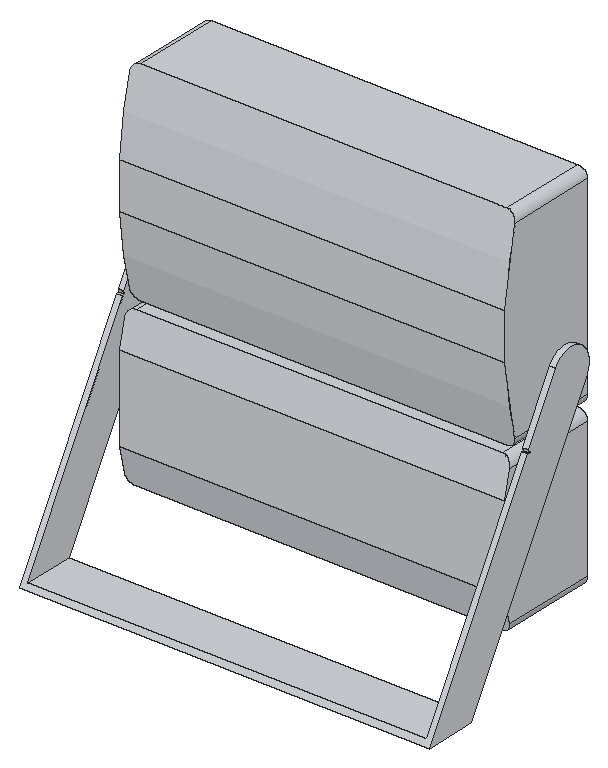
Revit family "Lighting-Proiezione-GEWISS-SMART[PRO]2.0-PROIETTORI-LED-MEDIA-POTENZA_2MODULI_CLI", category Apparecchi per illuminazione, host Superficie, Revit 2019
Family settings
  Host = Superficie
  Quota connettore circolare = Usa diametro
  Tipo di parte = Normale
  Taglio con vuoti quando caricato = No
  Sorgente d'illuminazione = No
  Condiviso = No
  Punto di calcolo locali = No
Parameters (values of type "GWP2285NS - SMARTPRO2.0 2M 5700K CRI80 A3 1-10V CL1")
  Viti esterne = "Acciaio inossidabile"
  Versioni = "Luce fredda 5700K"
  Versione file RFA = "20.11"
  Vano di alimentazione = "Integrato"
  VISIBILITA PROIETTORE IN PIANTA [instance] = no
  VIBILITA SIMBOLO [instance] = not(VISIBILITA PROIETTORE IN PIANTA)  # yes
  URL = "https://www.gewiss.com/it/it"
  Tolleranza cromatica = "SDCM = 3"
  Tipologia sorgente luminosa = "LED - Non sostituibile"
  Tipologia = ""
  Tipo versione = ""
  Tipo di installazione e montaggio = "Torrefaro - Parete - Terra"
  Tipo di apparecchio = "Apparecchio per proiezione LED di piccola, media e alta potenza"
  Tensione di alimentazione = "220 - 240 V"
  Tensione = ""
  Temperatura di utilizzo = ""
  Temperatura di stoccaggio = "-"
  Temperatura di funzionamento = ""
  Temperatura di esercizio = "-30 +50 °C"
  Temperatura di colore: = ""
  Temperatura di colore = "5700K"
  Superficie massima esposta al vento : = "0,170 m2"
  Superficie massima esposta al vento = ""
  Spostamento_x_effettivo = 4000 mm - Spostamento_x  # 1813.822 mm
  Spostamento_x = 2186.178 mm
  SostituibilitÃ  piastra di cablaggio = "Non disponibile"
  SostituibilitÃ  gruppo ottico = "Non disponibile"
  Sistema di controllo = "Stand Alone - 1/10V"
  Schermo = "Vetro piano extrachiaro spessore 4mm"
  Scheda Tecnica = "https://www.gewiss.com/it/it/search?q=GWP2285NS"
  SEO = "Proiettore"
  Resistenza alle sovratensioni : = ""
  Resistenza al filo incandescente = "-"
  Resistenza agli urti = "IK08"
  Regolazione inclinazione = ""
  Default Elevation = 1219.2 mm
  Produttore = "GEWISS S.p.A."
  Potenza di sistema = "330W"
  Peso (kg): = "13"
  Peso (kg) = ""
  Ottica = "A3 - Asimmetrica Stretta"
  N° LED = ""
  Numero moduli = ""
  Norma di riferimento = "EN60598-1; EN60598-2-5; IEC 62778; IEC 62471; EN13201"
  N. moduli Chorus = ""
  Modello = "GWP2285NS"
  Materiali = "-"
  Lumen output (lm) = "37200"
  Life Time L90B10 (Tq 50Â°C) : = ""
  Life Time L90B10 (Tq 25Â°C) : = ""
  Life Time L80B10 (Tq 25Â°C) = ""
  Lampada: = ""
  Lampada = "LED"
  LLED Life time (L90B10) = ""
  LED Life time (L80B10) = ""
  LED Life Time (L70B10) = ""
  Installazione e manutenzione = "-"
  Informazioni generali = "-"
  Indice di resa cromatica = "CRI-80"
  Inclinazione = "Rotazione su staffa con goniometro integrato"
  Immagine tipo = GWP2275AS.jpg
  IPEA = "STRADALE = A // GRANDI AREE = A3+ // CICLOPEDONALI = A+ // AREE VERDI = A+ // CENTRO STORICO = A5+ // ALTRO = A5+"
  IFC.TypeObject = ""
  IFC.ExportType = ""
  IFC.ExportAs = ""
  IDT = "94ca63f114e34adea3421514a6ca964f"
  IDF = "311943a0-bd02-467d-a9ed-f2a4dacf2862"
  Guarnizioni = "silicone antinvecchiamento"
  Gruppo ottico = "Parabola in alluminio anodizzato brillantato con alluminio puro 99,99%"
  Grado di protezione = "IP66"
  Garanzia = "5 anni"
  Gancio di chiusura = "Viti metriche esagonali"
  GW - Codice Electrocod = "2424"
  Frequenza nominale (Hz) = "50 / 60"
  Flusso nominale = ""
  Fissaggio = "Staffa"
  Finitura colore = "Verniciato a polvere poliestere"
  Efficienza luminosa (lm/W) = "113"
  Durata di vita = "L90B10 (Tq+25°C) - 40000h L90B10 (Tq+50°C) = 32000h L80B10 (Tq+25°C) - 90000h"
  Distanza minima dall'oggetto illuminato = ""
  Dispositivo di protezione = "DM 5KV / CM 10KV"
  Descrizione = "SMARTPRO2.0 2M 5700K CRI80 A3 1-10V CL1"
  Creato da GEWISS S.p.A. = ""
  Corrente di pilotaggio LED = ""
  Corpo = "Alluminio pressofuso"
  Controllo abbagliamento e luminanza = "G*6 - ULOR = 0"
  Contesto = "Illuminazione di grandi aree, impianti sportivi"
  Colore = "Grigio grafite"
  Codice digitale univoco (Datamatrix) = "Attualmente non presente"
  Codice EAN = ""
  Classificazione: = "-"
  Classe isolamento = "I"
  Classe fotobiologica = "-"
  Certificazioni e classificazioni = "-"
  Certificazione DIN 18032-3 = "Si"
  Catalogo Serie = ""
  Catalogo = "LIGHTING"
  Caratteristiche ottiche e illuminotecniche = "-"
  Caratteristiche elettriche e gestione della luce = "-"
  Cablaggio = "Connettore stagno"
  COBie.Tagnumber = ""
  COBie.CreatedOn = ""
  COBie.CreatebBy = ""
  COBie.ComponentRegisterItemID = ""
  COBie.Component.TagNumber = ""
  COBie.Component.Space = ""
  COBie.Component.SerialNumber = ""
  COBie.Component.InstallationDate = ""
  COBie.Component.Description = ""
  COBie.Component.BarCode = ""
  Applicazione = "Interno / Esterno"
  Apparecchio a ridotta temperatura superficiale = "No"
  Alimentatore = "Incluso"
Reference planes
  plane 1 "Centro (Fronte/Retro)": y = 0
  plane 2: z = 0
  plane 3 "Centro (Sinistra/Destra)": x = 0
  plane 4: x = -1813.822
  plane 5: x = 0
Lines and regions (mm)
  Masking region 1, visible <- "VISIBILITA PROIETTORE IN PIANTA"
    outline origin (0, 0, 0) x (1, 0, 0) y (0, 1, 0)
      loop
        line (-199.835, 106.682) -> (-199.835, -103.584) -> (200.165, -103.584) -> (200.165, 106.682) -> (-199.835, 106.682)
  Masking region 2, visible <- "VISIBILITA PROIETTORE IN PIANTA"
    outline origin (0, 0, 0) x (1, 0, 0) y (0, 1, 0)
      loop
        line (-212.835, -113.135) -> (213.165, -113.135) -> (213.165, 106.682) -> (207.165, 106.682) -> (207.165, -110.249) -> (-207.165, -110.249) -> (-207.165, 106.682) -> (-212.835, 106.682) -> (-212.835, -113.135)
  symbolic lines, visible <- "VISIBILITA PROIETTORE IN PIANTA"
    curve 1: line (-193.91, 0, 417.088) -> (173.228, 0, 417.088)
    curve 2: line (-206.772, 0, 217.838) -> (-206.772, 0, 404.227)
    curve 3: line (173.228, 0, 197.838) -> (-186.772, 0, 197.838)
    curve 4: line (193.228, 0, 397.088) -> (193.228, 0, 217.838)
    curve 5: arc (-206.772, 0, 404.227) -> (-203.005, 0, 413.321) -> (-193.91, 0, 417.088) r 12.861
    curve 6: arc (193.228, 0, 397.088) -> (187.37, 0, 411.23) -> (173.228, 0, 417.088) r 20
    curve 7: arc (173.228, 0, 197.838) -> (187.37, 0, 203.696) -> (193.228, 0, 217.838) r 20
    curve 8: arc (-206.772, 0, 217.838) -> (-200.914, 0, 203.696) -> (-186.772, 0, 197.838) r 20
    curve 9: line (-193.91, 0, 182.088) -> (173.228, 0, 182.088)
    curve 10: line (-206.772, 0, 57.838) -> (-206.772, 0, 169.227)
    curve 11: line (173.228, 0, 37.838) -> (-186.772, 0, 37.838)
    curve 12: line (193.228, 0, 162.088) -> (193.228, 0, 57.838)
    curve 13: arc (-206.772, 0, 169.227) -> (-203.005, 0, 178.321) -> (-193.91, 0, 182.088) r 12.861
    curve 14: arc (193.228, 0, 162.088) -> (187.37, 0, 176.23) -> (173.228, 0, 182.088) r 20
    curve 15: arc (173.228, 0, 37.838) -> (187.37, 0, 43.696) -> (193.228, 0, 57.838) r 20
    curve 16: arc (-206.772, 0, 57.838) -> (-200.914, 0, 43.696) -> (-186.772, 0, 37.838) r 20
    curve 17: line (-227.35, 0, 25) -> (-227.35, 0, 253.745)
    curve 18: line (-222.35, 0, 248.021) -> (-222.35, 0, 30)
    curve 19: line (181.521, 0, 0) -> (-192.35, 0, 0)
    curve 20: line (-197.35, 0, -5) -> (186.521, 0, -5)
    curve 21: arc (-227.35, 0, 25) -> (-218.563, 0, 3.787) -> (-197.35, 0, -5) r 30
    curve 22: arc (-222.35, 0, 30) -> (-213.563, 0, 8.787) -> (-192.35, 0, 0) r 30
    curve 23: line (-227.35, 0, 211.958) -> (-225.82, 0, 211.958)
    curve 24: line (-225.82, 0, 211.958) -> (-227.841, 0, 215.455)
    curve 25: line (-227.841, 0, 215.455) -> (-231.85, 0, 222.399)
    curve 26: line (-231.85, 0, 222.399) -> (-231.85, 0, 228.935)
    curve 27: line (-231.85, 0, 228.935) -> (-231.85, 0, 247.511)
    curve 28: line (-231.85, 0, 247.511) -> (-226.218, 0, 257.265)
    curve 29: line (-222.35, 0, 211.265) -> (-204.35, 0, 211.265)
    curve 30: line (-204.35, 0, 257.265) -> (-226.218, 0, 257.265)
    curve 31: line (216.521, 0, 25) -> (216.521, 0, 253.745)
    curve 32: line (211.521, 0, 248.021) -> (211.521, 0, 30)
    curve 33: arc (216.521, 0, 25) -> (207.734, 0, 3.787) -> (186.521, 0, -5) r 30
    curve 34: arc (211.521, 0, 30) -> (202.734, 0, 8.787) -> (181.521, 0, 0) r 30
    curve 35: line (216.521, 0, 211.958) -> (214.991, 0, 211.958)
    curve 36: line (214.991, 0, 211.958) -> (217.011, 0, 215.455)
    curve 37: line (217.011, 0, 215.455) -> (221.021, 0, 222.399)
    curve 38: line (221.021, 0, 222.399) -> (221.021, 0, 228.935)
    curve 39: line (221.021, 0, 228.935) -> (221.021, 0, 247.511)
    curve 40: line (221.021, 0, 247.511) -> (215.389, 0, 257.265)
    curve 41: line (211.521, 0, 211.265) -> (193.521, 0, 211.265)
    curve 42: line (193.521, 0, 257.265) -> (215.389, 0, 257.265)
  symbolic lines, visible <- "VISIBILITA PROIETTORE IN PIANTA", not visible
    curve 43: line (-193.91, 0, 417.088) -> (173.228, 0, 417.088)
    curve 44: line (-206.772, 0, 217.838) -> (-206.772, 0, 404.227)
    curve 45: line (173.228, 0, 197.838) -> (-186.772, 0, 197.838)
    curve 46: line (193.228, 0, 397.088) -> (193.228, 0, 217.838)
    curve 47: arc (-206.772, 0, 404.227) -> (-203.005, 0, 413.321) -> (-193.91, 0, 417.088) r 12.861
    curve 48: arc (193.228, 0, 397.088) -> (187.37, 0, 411.23) -> (173.228, 0, 417.088) r 20
    curve 49: arc (173.228, 0, 197.838) -> (187.37, 0, 203.696) -> (193.228, 0, 217.838) r 20
    curve 50: arc (-206.772, 0, 217.838) -> (-200.914, 0, 203.696) -> (-186.772, 0, 197.838) r 20
    curve 51: line (-193.91, 0, 182.088) -> (173.228, 0, 182.088)
    curve 52: line (-206.772, 0, 57.838) -> (-206.772, 0, 169.227)
    curve 53: line (173.228, 0, 37.838) -> (-186.772, 0, 37.838)
    curve 54: line (193.228, 0, 162.088) -> (193.228, 0, 57.838)
    curve 55: arc (-206.772, 0, 169.227) -> (-203.005, 0, 178.321) -> (-193.91, 0, 182.088) r 12.861
    curve 56: arc (193.228, 0, 162.088) -> (187.37, 0, 176.23) -> (173.228, 0, 182.088) r 20
    curve 57: arc (173.228, 0, 37.838) -> (187.37, 0, 43.696) -> (193.228, 0, 57.838) r 20
    curve 58: arc (-206.772, 0, 57.838) -> (-200.914, 0, 43.696) -> (-186.772, 0, 37.838) r 20
    curve 59: line (-227.35, 0, 25) -> (-227.35, 0, 253.745)
    curve 60: line (-222.35, 0, 248.021) -> (-222.35, 0, 30)
    curve 61: line (181.521, 0, 0) -> (-192.35, 0, 0)
    curve 62: line (-197.35, 0, -5) -> (186.521, 0, -5)
    curve 63: arc (-227.35, 0, 25) -> (-218.563, 0, 3.787) -> (-197.35, 0, -5) r 30
    curve 64: arc (-222.35, 0, 30) -> (-213.563, 0, 8.787) -> (-192.35, 0, 0) r 30
    curve 65: line (-227.35, 0, 211.958) -> (-225.82, 0, 211.958)
    curve 66: line (-225.82, 0, 211.958) -> (-227.841, 0, 215.455)
    curve 67: line (-227.841, 0, 215.455) -> (-231.85, 0, 222.399)
    curve 68: line (-231.85, 0, 222.399) -> (-231.85, 0, 228.935)
    curve 69: line (-231.85, 0, 228.935) -> (-231.85, 0, 247.511)
    curve 70: line (-231.85, 0, 247.511) -> (-226.218, 0, 257.265)
    curve 71: line (-222.35, 0, 211.265) -> (-204.35, 0, 211.265)
    curve 72: line (-204.35, 0, 257.265) -> (-226.218, 0, 257.265)
    curve 73: line (216.521, 0, 25) -> (216.521, 0, 253.745)
    curve 74: line (211.521, 0, 248.021) -> (211.521, 0, 30)
    curve 75: arc (216.521, 0, 25) -> (207.734, 0, 3.787) -> (186.521, 0, -5) r 30
    curve 76: arc (211.521, 0, 30) -> (202.734, 0, 8.787) -> (181.521, 0, 0) r 30
    curve 77: line (216.521, 0, 211.958) -> (214.991, 0, 211.958)
    curve 78: line (214.991, 0, 211.958) -> (217.011, 0, 215.455)
    curve 79: line (217.011, 0, 215.455) -> (221.021, 0, 222.399)
    curve 80: line (221.021, 0, 222.399) -> (221.021, 0, 228.935)
    curve 81: line (221.021, 0, 228.935) -> (221.021, 0, 247.511)
    curve 82: line (221.021, 0, 247.511) -> (215.389, 0, 257.265)
    curve 83: line (211.521, 0, 211.265) -> (193.521, 0, 211.265)
    curve 84: line (193.521, 0, 257.265) -> (215.389, 0, 257.265)
Dimensions and locks
  plane 4 to plane 3 "Centro (Sinistra/Destra)" = 1813.822 mm
  "Spostamento_x_effettivo": plane 4 to plane 5
  aligned and locked: plane 2 to host face
  aligned and locked: level to host face
  aligned and locked: plane 3 "Centro (Sinistra/Destra)" to nested 1
  aligned and locked: plane 1 "Centro (Fronte/Retro)" to nested 1
  aligned and locked: plane 5 to nested 2
Automatic sketch dimensions
  host sketch curve to host sketch curve = 2438.4 mm  (x2)
  Masking region 1 sketch curve to plane 3 "Centro (Sinistra/Destra)" = 199.835 mm
  plane 3 "Centro (Sinistra/Destra)" to Masking region 1 sketch curve = 200.165 mm
  plane 1 "Centro (Fronte/Retro)" to Masking region 1 sketch curve = 103.584 mm
  Masking region 1 sketch curve to plane 1 "Centro (Fronte/Retro)" = 106.682 mm
  Masking region 2 sketch curve to plane 3 "Centro (Sinistra/Destra)" = 212.835 mm
  Masking region 2 sketch curve to Masking region 2 sketch curve = 5.671 mm
  plane 3 "Centro (Sinistra/Destra)" to Masking region 2 sketch curve = 207.165 mm
  Masking region 2 sketch curve to Masking region 2 sketch curve = 6 mm
  plane 1 "Centro (Fronte/Retro)" to Masking region 2 sketch curve = 113.135 mm
  Masking region 2 sketch curve to Masking region 2 sketch curve = 2.887 mm
  Masking region 2 sketch curve to plane 1 "Centro (Fronte/Retro)" = 106.682 mm  (x2)
Nested families
  nested 1: "SMART[PRO]2.0 PROIETTORI LED MEDIA POTENZA 2 MOD DALI_BASE" at (-212.835, -103.584, 0), type "GWP2273AD - 3000K - Symm. S1 - 2x80 LED - 330W - IP66"
  nested 2: "SIMB2DALI" at (0, 20, 0), type "SIMB2DALI"
  nested 3: "SIMB2DALI" at (0, 0, 228.171) x (1, 0, 0) z (0, -1, 0), visible <- "VIBILITA SIMBOLO", type "SIMB2DALI"
Definition of nested family "SMART[PRO]2.0 PROIETTORI LED MEDIA POTENZA 2 MOD DALI_BASE"
  Parameters (values of type "GWP2273AD - 3000K - Symm. S1 - 2x80 LED - 330W - IP66")
    l = 400 mm  # constant formula
    Vetro = none
    Versioni = "Luce calda 3000K"
    Temperatura di colore = "3000 K (CRI 70)"
    Superficie massima esposta al vento [mq] = "0,43"
    Serie = "SMART [PRO] 2.0"
    Resistenza agli urti = "IK08"
    Regolazione inclinazione = "-180° ÷ + 180° staffa"
    Default Elevation = 1219.2 mm
    Manufacturer = "GEWISS"
    Potenza di sistema = "330W"
    Peso (kg) = "13"
    Ottica = "Simmetrica S1"
    N° LED = "160"
    Numero moduli = "2 (2x80 LED)"
    Model = "GWP2273AD"
    Lumen output (lm) = "34925"
    Lamp = "LED"
    Type Image = element 180151
    GW - Grado di protezione = "IP66"
    Garanzia = "5 anni"
    GEWISS SCHEDA TECNICA = "http://pro.gewiss.com/irj/portal/?NavigationTarget=pcd:portal_content/com.gewiss.ZPPFDMain/com.gewiss.ZPPFDITMain/com.gewiss.ZPPFDITMainDefault/com.gewiss.ZPPFDITPages/com.gewiss.ZPPFDITPagesAP/com.gewiss.ZPPFDITPagesAPCatalogo/com.gewiss.ZPPPDITAPProductDetail&codProd=GWP2273AD"
    Flusso nominale = "44800"
    Description = "SMART PRO 2M 3000K CRI70 TYPE S1 DALI"
    GW - Codice Electrocod = "2424"
    Classe isolamento = "I"
    Applicazione = "Interno / Esterno"
  Types (32, lengths in mm): name | Versioni | Temperatura di colore | Ottica | Model | Lumen output (lm) | GEWISS SCHEDA TECNICA | Flusso nominale | Description
    GWP2273AD - 3000K - Symm. S1 - 2x80 LED - 330W - IP66 | "Luce calda 3000K" | "3000 K (CRI 70)" | "Simmetrica S1" | "GWP2273AD" | "34925" | "http://pro.gewiss.com/irj/portal/?NavigationTarget=pcd:portal_content/com.gewiss.ZPPFDMain/com.gewiss.ZPPFDITMain/com.gewiss.ZPPFDITMainDefault/com.gewiss.ZPPFDITPages/com.gewiss.ZPPFDITPagesAP/com.gewiss.ZPPFDITPagesAPCatalogo/com.gewiss.ZPPPDITAPProductDetail&codProd=GWP2273AD" | "44800" | "SMART PRO 2M 3000K CRI70 TYPE S1 DALI"
    GWP2273BD - 3000K - Symm. S2 - 2x80 LED - 330W - IP66 | "Luce calda 3000K" | "3000 K (CRI 70)" | "Simmetrica S2" | "GWP2273BD" | "37137" | "http://pro.gewiss.com/irj/portal/?NavigationTarget=pcd:portal_content/com.gewiss.ZPPFDMain/com.gewiss.ZPPFDITMain/com.gewiss.ZPPFDITMainDefault/com.gewiss.ZPPFDITPages/com.gewiss.ZPPFDITPagesAP/com.gewiss.ZPPFDITPagesAPCatalogo/com.gewiss.ZPPPDITAPProductDetail&codProd=GWP2273BD" | "44800" | "SMART PRO 2M 3000K CRI70 TYPE S2 DALI"
    GWP2273CD - 3000K - Asymm. A1 - 2x80 LED - 330W - IP66 | "Luce calda 3000K" | "3000 K (CRI 70)" | "Asimmetrica A1" | "GWP2273CD" | "34141" | "http://pro.gewiss.com/irj/portal/?NavigationTarget=pcd:portal_content/com.gewiss.ZPPFDMain/com.gewiss.ZPPFDITMain/com.gewiss.ZPPFDITMainDefault/com.gewiss.ZPPFDITPages/com.gewiss.ZPPFDITPagesAP/com.gewiss.ZPPFDITPagesAPCatalogo/com.gewiss.ZPPPDITAPProductDetail&codProd=GWP2273CD" | "44800" | "SMART PRO 2M 3000K CRI70 TYPE A1 DALI"
    GWP2273FD - 3000K - Asymm. A2 - 2x80 LED - 330W - IP66 | "Luce calda 3000K" | "3000 K (CRI 70)" | "Asimmetrica A2" | "GWP2273FD" | "29176" | "http://pro.gewiss.com/irj/portal/?NavigationTarget=pcd:portal_content/com.gewiss.ZPPFDMain/com.gewiss.ZPPFDITMain/com.gewiss.ZPPFDITMainDefault/com.gewiss.ZPPFDITPages/com.gewiss.ZPPFDITPagesAP/com.gewiss.ZPPFDITPagesAPCatalogo/com.gewiss.ZPPPDITAPProductDetail&codProd=GWP2273FD" | "44800" | "SMART PRO 2M 3000K CRI70 TYPE A2 DALI"
    GWP2273GD - 3000K - Circ. C4 - 2x80 LED - 330W - IP66 | "Luce calda 3000K" | "3000 K (CRI 70)" | "Circolare C4" | "GWP2273GD" | "35261" | "http://pro.gewiss.com/irj/portal/?NavigationTarget=pcd:portal_content/com.gewiss.ZPPFDMain/com.gewiss.ZPPFDITMain/com.gewiss.ZPPFDITMainDefault/com.gewiss.ZPPFDITPages/com.gewiss.ZPPFDITPagesAP/com.gewiss.ZPPFDITPagesAPCatalogo/com.gewiss.ZPPPDITAPProductDetail&codProd=GWP2273GD" | "44800" | "SMART PRO 2M 3000K CRI70 TYPE C4 DALI"
    GWP2273HD - 3000K - Circ. C3 - 2x80 LED - 330W - IP66 | "Luce calda 3000K" | "3000 K (CRI 70)" | "Circolare C3" | "GWP2273HD" | "35261" | "http://pro.gewiss.com/irj/portal/?NavigationTarget=pcd:portal_content/com.gewiss.ZPPFDMain/com.gewiss.ZPPFDITMain/com.gewiss.ZPPFDITMainDefault/com.gewiss.ZPPFDITPages/com.gewiss.ZPPFDITPagesAP/com.gewiss.ZPPFDITPagesAPCatalogo/com.gewiss.ZPPPDITAPProductDetail&codProd=GWP2273HD" | "44800" | "SMART PRO 2M 3000K CRI70 TYPE C3 DALI"
    GWP2273LD - 3000K - Circ. C2 - 2x80 LED - 330W - IP66 | "Luce calda 3000K" | "3000 K (CRI 70)" | "Circolare C2" | "GWP2273LD" | "35261" | "http://pro.gewiss.com/irj/portal/?NavigationTarget=pcd:portal_content/com.gewiss.ZPPFDMain/com.gewiss.ZPPFDITMain/com.gewiss.ZPPFDITMainDefault/com.gewiss.ZPPFDITPages/com.gewiss.ZPPFDITPagesAP/com.gewiss.ZPPFDITPagesAPCatalogo/com.gewiss.ZPPPDITAPProductDetail&codProd=GWP2273LD" | "44800" | "SMART PRO 2M 3000K CRI70 TYPE C2 DALI"
    GWP2273MD - 3000K - Circ. C1 - 2x80 LED - 330W - IP66 | "Luce calda 3000K" | "3000 K (CRI 70)" | "Circolare C1" | "GWP2273MD" | "35261" | "http://pro.gewiss.com/irj/portal/?NavigationTarget=pcd:portal_content/com.gewiss.ZPPFDMain/com.gewiss.ZPPFDITMain/com.gewiss.ZPPFDITMainDefault/com.gewiss.ZPPFDITPages/com.gewiss.ZPPFDITPagesAP/com.gewiss.ZPPFDITPagesAPCatalogo/com.gewiss.ZPPPDITAPProductDetail&codProd=GWP2273MD" | "44800" | "SMART PRO 2M 3000K CRI70 TYPE C1 DALI"
    GWP2274AD - 4000K - Symm. S1 - 2x80 LED - 330W - IP66 | "Luce naturale 4000K" | "4000 K (CRI 70)" | "Simmetrica S1" | "GWP2274AD" | "37420" | "http://pro.gewiss.com/irj/portal/?NavigationTarget=pcd:portal_content/com.gewiss.ZPPFDMain/com.gewiss.ZPPFDITMain/com.gewiss.ZPPFDITMainDefault/com.gewiss.ZPPFDITPages/com.gewiss.ZPPFDITPagesAP/com.gewiss.ZPPFDITPagesAPCatalogo/com.gewiss.ZPPPDITAPProductDetail&codProd=GWP2274AD" | "48000" | "SMART PRO 2M 4000K CRI70 TYPE S1 DALI"
    GWP2274BD - 4000K - Symm. S2 - 2x80 LED - 330W - IP66 | "Luce naturale 4000K" | "4000 K (CRI 70)" | "Simmetrica S2" | "GWP2274BD" | "39790" | "http://pro.gewiss.com/irj/portal/?NavigationTarget=pcd:portal_content/com.gewiss.ZPPFDMain/com.gewiss.ZPPFDITMain/com.gewiss.ZPPFDITMainDefault/com.gewiss.ZPPFDITPages/com.gewiss.ZPPFDITPagesAP/com.gewiss.ZPPFDITPagesAPCatalogo/com.gewiss.ZPPPDITAPProductDetail&codProd=GWP2274BD" | "48000" | "SMART PRO 2M 4000K CRI70 TYPE S2 DALI"
    GWP2274CD - 4000K - Asymm. A1 - 2x80 LED - 330W - IP66 | "Luce naturale 4000K" | "4000 K (CRI 70)" | "Asimmetrica A1" | "GWP2274CD" | "36580" | "http://pro.gewiss.com/irj/portal/?NavigationTarget=pcd:portal_content/com.gewiss.ZPPFDMain/com.gewiss.ZPPFDITMain/com.gewiss.ZPPFDITMainDefault/com.gewiss.ZPPFDITPages/com.gewiss.ZPPFDITPagesAP/com.gewiss.ZPPFDITPagesAPCatalogo/com.gewiss.ZPPPDITAPProductDetail&codProd=GWP2274CD" | "48000" | "SMART PRO 2M 4000K CRI70 TYPE A1 DALI"
    GWP2274FD - 4000K - Asymm. A2 - 2x80 LED - 330W - IP66 | "Luce naturale 4000K" | "4000 K (CRI 70)" | "Asimmetrica A2" | "GWP2274FD" | "31260" | "http://pro.gewiss.com/irj/portal/?NavigationTarget=pcd:portal_content/com.gewiss.ZPPFDMain/com.gewiss.ZPPFDITMain/com.gewiss.ZPPFDITMainDefault/com.gewiss.ZPPFDITPages/com.gewiss.ZPPFDITPagesAP/com.gewiss.ZPPFDITPagesAPCatalogo/com.gewiss.ZPPPDITAPProductDetail&codProd=GWP2274FD" | "48000" | "SMART PRO 2M 4000K CRI70 TYPE A2 DALI"
    GWP2274GD - 4000K - Circ. C4 - 2x80 LED - 330W - IP66 | "Luce naturale 4000K" | "4000 K (CRI 70)" | "Circolare C4" | "GWP2274GD" | "37780" | "http://pro.gewiss.com/irj/portal/?NavigationTarget=pcd:portal_content/com.gewiss.ZPPFDMain/com.gewiss.ZPPFDITMain/com.gewiss.ZPPFDITMainDefault/com.gewiss.ZPPFDITPages/com.gewiss.ZPPFDITPagesAP/com.gewiss.ZPPFDITPagesAPCatalogo/com.gewiss.ZPPPDITAPProductDetail&codProd=GWP2274GD" | "48000" | "SMART PRO 2M 4000K CRI70 TYPE C4 DALI"
    GWP2274HD - 4000K - Circ. C3 - 2x80 LED - 330W - IP66 | "Luce naturale 4000K" | "4000 K (CRI 70)" | "Circolare C3" | "GWP2274HD" | "37780" | "http://pro.gewiss.com/irj/portal/?NavigationTarget=pcd:portal_content/com.gewiss.ZPPFDMain/com.gewiss.ZPPFDITMain/com.gewiss.ZPPFDITMainDefault/com.gewiss.ZPPFDITPages/com.gewiss.ZPPFDITPagesAP/com.gewiss.ZPPFDITPagesAPCatalogo/com.gewiss.ZPPPDITAPProductDetail&codProd=GWP2274HD" | "48000" | "SMART PRO 2M 4000K CRI70 TYPE C3 DALI"
    GWP2274LD - 4000K - Circ. C2 - 2x80 LED - 330W - IP66 | "Luce naturale 4000K" | "4000 K (CRI 70)" | "Circolare C2" | "GWP2274LD" | "37780" | "http://pro.gewiss.com/irj/portal/?NavigationTarget=pcd:portal_content/com.gewiss.ZPPFDMain/com.gewiss.ZPPFDITMain/com.gewiss.ZPPFDITMainDefault/com.gewiss.ZPPFDITPages/com.gewiss.ZPPFDITPagesAP/com.gewiss.ZPPFDITPagesAPCatalogo/com.gewiss.ZPPPDITAPProductDetail&codProd=GWP2274LD" | "48000" | "SMART PRO 2M 4000K CRI70 TYPE C2 DALI"
    GWP2274MD - 4000K - Circ. C1 - 2x80 LED - 330W - IP66 | "Luce naturale 4000K" | "4000 K (CRI 70)" | "Circolare C1" | "GWP2274MD" | "37780" | "http://pro.gewiss.com/irj/portal/?NavigationTarget=pcd:portal_content/com.gewiss.ZPPFDMain/com.gewiss.ZPPFDITMain/com.gewiss.ZPPFDITMainDefault/com.gewiss.ZPPFDITPages/com.gewiss.ZPPFDITPagesAP/com.gewiss.ZPPFDITPagesAPCatalogo/com.gewiss.ZPPPDITAPProductDetail&codProd=GWP2274MD" | "48000" | "SMART PRO 2M 4000K CRI70 TYPE C1 DALI"
    GWP2275AD - 5700K - Symm. S1 - 2x80 LED - 330W - IP66 | "Luce fredda 5700K" | "5700 K (CRI 70)" | "Simmetrica S1" | "GWP2275AD" | "37420" | "http://pro.gewiss.com/irj/portal/?NavigationTarget=pcd:portal_content/com.gewiss.ZPPFDMain/com.gewiss.ZPPFDITMain/com.gewiss.ZPPFDITMainDefault/com.gewiss.ZPPFDITPages/com.gewiss.ZPPFDITPagesAP/com.gewiss.ZPPFDITPagesAPCatalogo/com.gewiss.ZPPPDITAPProductDetail&codProd=GWP2275AD" | "48000" | "SMART PRO 2M 5700K CRI70 TYPE S1 DALI"
    GWP2275BD - 5700K - Symm. S2 - 2x80 LED - 330W - IP66 | "Luce fredda 5700K" | "5700 K (CRI 70)" | "Simmetrica S2" | "GWP2275BD" | "39790" | "http://pro.gewiss.com/irj/portal/?NavigationTarget=pcd:portal_content/com.gewiss.ZPPFDMain/com.gewiss.ZPPFDITMain/com.gewiss.ZPPFDITMainDefault/com.gewiss.ZPPFDITPages/com.gewiss.ZPPFDITPagesAP/com.gewiss.ZPPFDITPagesAPCatalogo/com.gewiss.ZPPPDITAPProductDetail&codProd=GWP2275BD" | "48000" | "SMART PRO 2M 5700K CRI70 TYPE S2 DALI"
    GWP2275CD - 5700K - Asymm. A1 - 2x80 LED - 330W - IP66 | "Luce fredda 5700K" | "5700 K (CRI 70)" | "Asimmetrica A1" | "GWP2275CD" | "36580" | "http://pro.gewiss.com/irj/portal/?NavigationTarget=pcd:portal_content/com.gewiss.ZPPFDMain/com.gewiss.ZPPFDITMain/com.gewiss.ZPPFDITMainDefault/com.gewiss.ZPPFDITPages/com.gewiss.ZPPFDITPagesAP/com.gewiss.ZPPFDITPagesAPCatalogo/com.gewiss.ZPPPDITAPProductDetail&codProd=GWP2275CD" | "48000" | "SMART PRO 2M 5700K CRI70 TYPE A1 DALI"
    GWP2275FD - 5700K - Asymm. A2 - 2x80 LED - 330W - IP66 | "Luce fredda 5700K" | "5700 K (CRI 70)" | "Asimmetrica A2" | "GWP2275FD" | "31260" | "http://pro.gewiss.com/irj/portal/?NavigationTarget=pcd:portal_content/com.gewiss.ZPPFDMain/com.gewiss.ZPPFDITMain/com.gewiss.ZPPFDITMainDefault/com.gewiss.ZPPFDITPages/com.gewiss.ZPPFDITPagesAP/com.gewiss.ZPPFDITPagesAPCatalogo/com.gewiss.ZPPPDITAPProductDetail&codProd=GWP2275FD" | "48000" | "SMART PRO 2M 5700K CRI70 TYPE A2 DALI"
    GWP2275GD - 5700K - Circ. C4 - 2x80 LED - 330W - IP66 | "Luce fredda 5700K" | "5700 K (CRI 70)" | "Circolare C4" | "GWP2275GD" | "37780" | "http://pro.gewiss.com/irj/portal/?NavigationTarget=pcd:portal_content/com.gewiss.ZPPFDMain/com.gewiss.ZPPFDITMain/com.gewiss.ZPPFDITMainDefault/com.gewiss.ZPPFDITPages/com.gewiss.ZPPFDITPagesAP/com.gewiss.ZPPFDITPagesAPCatalogo/com.gewiss.ZPPPDITAPProductDetail&codProd=GWP2275GD" | "48000" | "SMART PRO 2M 5700K CRI70 TYPE C4 DALI"
    GWP2275HD - 5700K - Circ. C3 - 2x80 LED - 330W - IP66 | "Luce fredda 5700K" | "5700 K (CRI 70)" | "Circolare C3" | "GWP2275HD" | "37780" | "http://pro.gewiss.com/irj/portal/?NavigationTarget=pcd:portal_content/com.gewiss.ZPPFDMain/com.gewiss.ZPPFDITMain/com.gewiss.ZPPFDITMainDefault/com.gewiss.ZPPFDITPages/com.gewiss.ZPPFDITPagesAP/com.gewiss.ZPPFDITPagesAPCatalogo/com.gewiss.ZPPPDITAPProductDetail&codProd=GWP2275HD" | "48000" | "SMART PRO 2M 5700K CRI70 TYPE C3 DALI"
    GWP2275LD - 5700K - Circ. C2 - 2x80 LED - 330W - IP66 | "Luce fredda 5700K" | "5700 K (CRI 70)" | "Circolare C2" | "GWP2275LD" | "37780" | "http://pro.gewiss.com/irj/portal/?NavigationTarget=pcd:portal_content/com.gewiss.ZPPFDMain/com.gewiss.ZPPFDITMain/com.gewiss.ZPPFDITMainDefault/com.gewiss.ZPPFDITPages/com.gewiss.ZPPFDITPagesAP/com.gewiss.ZPPFDITPagesAPCatalogo/com.gewiss.ZPPPDITAPProductDetail&codProd=GWP2275LD" | "48000" | "SMART PRO 2M 5700K CRI70 TYPE C2 DALI"
    GWP2275MD - 5700K - Circ. C1 - 2x80 LED - 330W - IP66 | "Luce fredda 5700K" | "5700 K (CRI 70)" | "Circolare C1" | "GWP2275MD" | "37780" | "http://pro.gewiss.com/irj/portal/?NavigationTarget=pcd:portal_content/com.gewiss.ZPPFDMain/com.gewiss.ZPPFDITMain/com.gewiss.ZPPFDITMainDefault/com.gewiss.ZPPFDITPages/com.gewiss.ZPPFDITPagesAP/com.gewiss.ZPPFDITPagesAPCatalogo/com.gewiss.ZPPPDITAPProductDetail&codProd=GWP2275MD" | "48000" | "SMART PRO 2M 5700K CRI70 TYPE C1 DALI"
    GWP2284AD | "Luce naturale 4000K" | "4000 K (CRI 70)" | "Simmetrica S1" | "GWP2274AD" | "37420" | "http://pro.gewiss.com/irj/portal/?NavigationTarget=pcd:portal_content/com.gewiss.ZPPFDMain/com.gewiss.ZPPFDITMain/com.gewiss.ZPPFDITMainDefault/com.gewiss.ZPPFDITPages/com.gewiss.ZPPFDITPagesAP/com.gewiss.ZPPFDITPagesAPCatalogo/com.gewiss.ZPPPDITAPProductDetail&codProd=GWP2274AD" | "48000" | "SMART PRO 2M 4000K CRI70 TYPE S1 DALI"
    GWP2284BD | "Luce naturale 4000K" | "4000 K (CRI 70)" | "Simmetrica S2" | "GWP2274BD" | "39790" | "http://pro.gewiss.com/irj/portal/?NavigationTarget=pcd:portal_content/com.gewiss.ZPPFDMain/com.gewiss.ZPPFDITMain/com.gewiss.ZPPFDITMainDefault/com.gewiss.ZPPFDITPages/com.gewiss.ZPPFDITPagesAP/com.gewiss.ZPPFDITPagesAPCatalogo/com.gewiss.ZPPPDITAPProductDetail&codProd=GWP2274BD" | "48000" | "SMART PRO 2M 4000K CRI70 TYPE S2 DALI"
    GWP2284CD | "Luce naturale 4000K" | "4000 K (CRI 70)" | "Asimmetrica A1" | "GWP2274CD" | "36580" | "http://pro.gewiss.com/irj/portal/?NavigationTarget=pcd:portal_content/com.gewiss.ZPPFDMain/com.gewiss.ZPPFDITMain/com.gewiss.ZPPFDITMainDefault/com.gewiss.ZPPFDITPages/com.gewiss.ZPPFDITPagesAP/com.gewiss.ZPPFDITPagesAPCatalogo/com.gewiss.ZPPPDITAPProductDetail&codProd=GWP2274CD" | "48000" | "SMART PRO 2M 4000K CRI70 TYPE A1 DALI"
    GWP2284FD | "Luce naturale 4000K" | "4000 K (CRI 70)" | "Asimmetrica A2" | "GWP2274FD" | "31260" | "http://pro.gewiss.com/irj/portal/?NavigationTarget=pcd:portal_content/com.gewiss.ZPPFDMain/com.gewiss.ZPPFDITMain/com.gewiss.ZPPFDITMainDefault/com.gewiss.ZPPFDITPages/com.gewiss.ZPPFDITPagesAP/com.gewiss.ZPPFDITPagesAPCatalogo/com.gewiss.ZPPPDITAPProductDetail&codProd=GWP2274FD" | "48000" | "SMART PRO 2M 4000K CRI70 TYPE A2 DALI"
    GWP2284GD | "Luce naturale 4000K" | "4000 K (CRI 70)" | "Circolare C4" | "GWP2274GD" | "37780" | "http://pro.gewiss.com/irj/portal/?NavigationTarget=pcd:portal_content/com.gewiss.ZPPFDMain/com.gewiss.ZPPFDITMain/com.gewiss.ZPPFDITMainDefault/com.gewiss.ZPPFDITPages/com.gewiss.ZPPFDITPagesAP/com.gewiss.ZPPFDITPagesAPCatalogo/com.gewiss.ZPPPDITAPProductDetail&codProd=GWP2274GD" | "48000" | "SMART PRO 2M 4000K CRI70 TYPE C4 DALI"
    GWP2284HD | "Luce naturale 4000K" | "4000 K (CRI 70)" | "Circolare C3" | "GWP2274HD" | "37780" | "http://pro.gewiss.com/irj/portal/?NavigationTarget=pcd:portal_content/com.gewiss.ZPPFDMain/com.gewiss.ZPPFDITMain/com.gewiss.ZPPFDITMainDefault/com.gewiss.ZPPFDITPages/com.gewiss.ZPPFDITPagesAP/com.gewiss.ZPPFDITPagesAPCatalogo/com.gewiss.ZPPPDITAPProductDetail&codProd=GWP2274HD" | "48000" | "SMART PRO 2M 4000K CRI70 TYPE C3 DALI"
    GWP2284LD | "Luce naturale 4000K" | "4000 K (CRI 70)" | "Circolare C2" | "GWP2274LD" | "37780" | "http://pro.gewiss.com/irj/portal/?NavigationTarget=pcd:portal_content/com.gewiss.ZPPFDMain/com.gewiss.ZPPFDITMain/com.gewiss.ZPPFDITMainDefault/com.gewiss.ZPPFDITPages/com.gewiss.ZPPFDITPagesAP/com.gewiss.ZPPFDITPagesAPCatalogo/com.gewiss.ZPPPDITAPProductDetail&codProd=GWP2274LD" | "48000" | "SMART PRO 2M 4000K CRI70 TYPE C2 DALI"
    GWP2284MD | "Luce naturale 4000K" | "4000 K (CRI 70)" | "Circolare C1" | "GWP2274MD" | "37780" | "http://pro.gewiss.com/irj/portal/?NavigationTarget=pcd:portal_content/com.gewiss.ZPPFDMain/com.gewiss.ZPPFDITMain/com.gewiss.ZPPFDITMainDefault/com.gewiss.ZPPFDITPages/com.gewiss.ZPPFDITPagesAP/com.gewiss.ZPPFDITPagesAPCatalogo/com.gewiss.ZPPPDITAPProductDetail&codProd=GWP2274MD" | "48000" | "SMART PRO 2M 4000K CRI70 TYPE C1 DALI"
  Reference planes
    plane 1 "Centro (Fronte/Retro)": y = 0
    plane 2: z = 0
    plane 3 "Centro (Sinistra/Destra)": x = 0
    plane 4: x = 5.671
    plane 5: z = 5
    plane 6: x = 426
    plane 7: x = 420
    plane 8: y = -9.551
    plane 9: y = 43.565
    plane 10: z = 267.876
    plane 11: z = 218.171
    plane 12: z = 212.854
    plane 13: x = 13
    plane 14: x = 413
    plane 15: z = 438.501
    plane 16: x = 212.835
    plane 17: z = 48.854
    plane 18: y = 210.266
    plane 19: y = 103.584
    plane 20: x = 23
    plane 21: z = 428.501
    plane 22: z = 228.171
    plane 23: x = 403
    plane 24: y = 174.258
    plane 25: x = 200.335
    plane 26: x = 225.335
  Forms (mm)
    Extrusion 1, solid
      sketch origin (0, 0, 0) x (0, 1, 0) y (0, 0, 1)
        loop
          line (153.15, 281.807) -> (-9.551, 0) -> (43.565, 0) -> (192.952, 258.745)
          arc (192.952, 258.745) -> (184.564, 290.146) -> (153.15, 281.807) r 23
      from 0 to 5.671
    Extrusion 2, solid
      sketch origin (448.871, 0, 0) x (0, 1, 0) y (0, 0, -1)
        loop
          arc (153.15, -281.807) -> (184.564, -290.146) -> (192.952, -258.745) r 23
          line (192.952, -258.745) -> (43.565, 0) -> (-9.551, 0) -> (153.15, -281.807)
      from 22.871 to 28.871
    Extrusion 3, solid
      sketch origin (0, 0, 0) x (0, 1, 0) y (0, 0, 1)
        loop
          line (46.452, 5) -> (-6.664, 5) -> (-9.551, 0) -> (43.565, 0) -> (46.452, 5)
      from 0 to 426
    Extrusion 4, solid
      sketch origin (0, 0, 0) x (1, 0, 0) y (0, 0, 1)
        loop
          arc (23, 438.501) -> (15.929, 435.572) -> (13, 428.501) r 10
          line (13, 428.501) -> (13, 228.171)
          arc (13, 228.171) -> (15.929, 221.1) -> (23, 218.171) r 10
          line (23, 218.171) -> (403, 218.171)
          arc (403, 218.171) -> (410.071, 221.1) -> (413, 228.171) r 10
          line (413, 228.171) -> (413, 428.501)
          arc (413, 428.501) -> (410.071, 435.572) -> (403, 438.501) r 10
          line (403, 438.501) -> (23, 438.501)
      from -210.266 to -103.584
    Extrusion 5, solid
      sketch origin (0, 0, 0) x (1, 0, 0) y (0, 0, 1)
        loop
          line (23, 48.854) -> (403, 48.854)
          arc (403, 48.854) -> (410.071, 51.783) -> (413, 58.854) r 10
          line (413, 58.854) -> (413, 202.854)
          arc (413, 202.854) -> (410.071, 209.925) -> (403, 212.854) r 10
          line (403, 212.854) -> (23, 212.854)
          arc (23, 212.854) -> (15.929, 209.925) -> (13, 202.854) r 10
          line (13, 202.854) -> (13, 58.854)
          arc (13, 58.854) -> (15.929, 51.783) -> (23, 48.854) r 10
      from -210.266 to -103.584
    Extrusion 6, void
      sketch origin (0, 0, 0) x (0, 1, 0) y (0, 0, 1)
        loop
          line (0, 438.501) -> (0, 218.171) -> (119.109, 218.171)
          arc (119.109, 218.171) -> (108.875, 260.63) -> (103.584, 303.983) r 379.693
          line (103.584, 303.983) -> (103.584, 352.689)
          arc (103.584, 352.689) -> (108.875, 396.042) -> (119.109, 438.501) r 379.693
          line (119.109, 438.501) -> (0, 438.501)
      from 0 to 426
    Extrusion 7, void
      sketch origin (0, 0, 0) x (1, 0, 0) y (0, 0, 1)
        loop
          arc (33, 428.501) -> (25.929, 425.572) -> (23, 418.501) r 10
          line (23, 418.501) -> (23, 238.171)
          arc (23, 238.171) -> (25.929, 231.1) -> (33, 228.171) r 10
          line (33, 228.171) -> (393, 228.171)
          arc (393, 228.171) -> (400.071, 231.1) -> (403, 238.171) r 10
          line (403, 238.171) -> (403, 418.501)
          arc (403, 418.501) -> (400.071, 425.572) -> (393, 428.501) r 10
          line (393, 428.501) -> (33, 428.501)
      from -210.266 to -174.258
    Extrusion 8, solid, material <- "Vetro"
      sketch origin (0, 0, 0) x (1, 0, 0) y (0, 0, 1)
        loop
          line (23, 418.501) -> (23, 238.171)
          arc (23, 238.171) -> (25.929, 231.1) -> (33, 228.171) r 10
          line (33, 228.171) -> (393, 228.171)
          arc (393, 228.171) -> (400.071, 231.1) -> (403, 238.171) r 10
          line (403, 238.171) -> (403, 418.501)
          arc (403, 418.501) -> (400.071, 425.572) -> (393, 428.501) r 10
          line (393, 428.501) -> (33, 428.501)
          arc (33, 428.501) -> (25.929, 425.572) -> (23, 418.501) r 10
      from -210.266 to -174.258
    Extrusion 9, void
      sketch origin (0, 0, 0) x (0, 1, 0) y (0, 0, 1)
        loop
          line (103.584, 86.118) -> (103.584, 175.59)
          arc (103.584, 175.59) -> (107.698, 194.338) -> (112.752, 212.854) r 380
          line (112.752, 212.854) -> (0, 212.854) -> (0, 48.854) -> (112.752, 48.854)
          arc (112.752, 48.854) -> (107.698, 67.37) -> (103.584, 86.118) r 380
      from 13 to 413
  Cuts and joins
    Extrusion 6, Extrusion 9 cuts Extrusion 1
    Extrusion 6, Extrusion 9 cuts Extrusion 2
    Extrusion 6, Extrusion 9 cuts Extrusion 3
    joined: Extrusion 1, Extrusion 2, Extrusion 3
    Extrusion 6, Extrusion 7 cuts Extrusion 4
    Extrusion 9 cuts Extrusion 5
  Dimensions and locks
    locked: plane 3 "Centro (Sinistra/Destra)" to plane 4 at 5.671
    locked: plane 5 to level at 5
    locked: plane 6 to plane 7 at 6
    plane 10 to plane 2 = 267.876 mm
    plane 11 to plane 12 = 5.317 mm
    locked: plane 13 to plane 4 at 7.329
    locked: plane 7 to plane 14 at 7
    plane 15 to plane 11 = 220.33 mm
    equal spacing: plane 7, plane 16, plane 4
    "l": plane 14 to plane 13
    locked: plane 20 to plane 13 at 10
    locked: plane 15 to plane 21 at 10
    locked: plane 14 to plane 23 at 10
    locked: plane 22 to plane 11 at 10
    locked: plane 24 to plane 18 at 36.008
    equal spacing: plane 26, plane 16, plane 25
    locked: plane 26 to plane 25 at 25
    radius of Extrusion 4 sketch curve = 10 mm  (x4)
    radius of Extrusion 5 sketch curve = 10 mm  (x4)
    radius of Extrusion 7 sketch curve = 10 mm  (x4)
    radius of Extrusion 8 sketch curve = 10 mm  (x4)
    angle plane 1 "Centro (Fronte/Retro)" to plane 17 = 90.00°
    angle level to plane 19 = 90.00°
    aligned and locked: level to plane 2
    aligned and locked: Extrusion 1 to plane 3 "Centro (Sinistra/Destra)"
    aligned and locked: plane 4 to Extrusion 1
    aligned and locked: plane 6 to Extrusion 2
    aligned and locked: Extrusion 2 to plane 7
    aligned and locked: Extrusion 3 sketch curve to plane 5
    aligned and locked: Extrusion 3 sketch curve to level
    aligned and locked: cut or joined group of Extrusion 1, Extrusion 2, Extrusion 3, Extrusion 6, Extrusion 9 to Extrusion 3 sketch curve
    aligned and locked: Extrusion 3 sketch curve to cut or joined group of Extrusion 1, Extrusion 2, Extrusion 3, Extrusion 6, Extrusion 9
    aligned and locked: plane 6 to cut or joined group of Extrusion 1, Extrusion 2, Extrusion 3, Extrusion 6, Extrusion 9
    aligned and locked: Extrusion 4 sketch curve to plane 15
    aligned and locked: Extrusion 4 sketch curve to plane 13
    aligned and locked: Extrusion 4 sketch curve to plane 14
    aligned and locked: Extrusion 4 sketch curve to plane 11
    aligned and locked: Extrusion 5 sketch curve to plane 17
    aligned and locked: Extrusion 5 sketch curve to plane 13
    aligned and locked: Extrusion 5 sketch curve to plane 12
    aligned and locked: Extrusion 5 sketch curve to plane 14
    aligned and locked: plane 18 to Extrusion 4
    aligned and locked: Extrusion 5 to Extrusion 4
    aligned and locked: plane 19 to Extrusion 4
    aligned and locked: Extrusion 4 to Extrusion 5
    aligned and locked: Extrusion 6 sketch curve to plane 15
    aligned and locked: Extrusion 6 sketch curve to plane 19
    aligned and locked: Extrusion 6 sketch curve to plane 1 "Centro (Fronte/Retro)"
    aligned and locked: Extrusion 6 sketch curve to plane 11
    aligned and locked: plane 6 to Extrusion 6
    aligned and locked: Extrusion 6 to plane 3 "Centro (Sinistra/Destra)"
    aligned and locked: Extrusion 7 sketch curve to plane 21
    aligned and locked: Extrusion 7 sketch curve to plane 20
    aligned and locked: Extrusion 7 sketch curve to plane 22
    aligned and locked: Extrusion 7 sketch curve to plane 23
    aligned and locked: plane 18 to Extrusion 7
    aligned and locked: Extrusion 7 to plane 24
    aligned and locked: Extrusion 8 sketch curve to plane 20
    aligned and locked: Extrusion 8 sketch curve to plane 21
    aligned and locked: Extrusion 8 sketch curve to plane 22
    aligned and locked: Extrusion 8 sketch curve to plane 23
    aligned and locked: plane 18 to Extrusion 8
    aligned and locked: Extrusion 8 to plane 24
    aligned and locked: Extrusion 9 sketch curve to plane 19
    aligned and locked: Extrusion 9 sketch curve to plane 12
    aligned and locked: Extrusion 9 sketch curve to plane 17
    aligned and locked: Extrusion 9 sketch curve to plane 1 "Centro (Fronte/Retro)"
    aligned and locked: Extrusion 9 to plane 13
    aligned and locked: plane 14 to Extrusion 9
  Automatic sketch dimensions
    Extrusion 1 sketch curve to level = 0 mm
    Extrusion 1 sketch curve to plane 8 = 0 mm
    Extrusion 1 sketch curve to plane 9 = 0 mm
    plane 10 to Extrusion 1 sketch curve = 13.931 mm
    Extrusion 1 sketch curve to plane 9 = 109.585 mm
    plane 10 to Extrusion 1 sketch curve = 2.369 mm
    Extrusion 1 sketch curve to Extrusion 1 sketch curve = 19.883 mm
    Extrusion 1 sketch curve to plane 10 = 9.131 mm  (x2)
    Extrusion 1 sketch curve to Extrusion 1 sketch curve = 0 mm
    Extrusion 2 sketch curve to level = 0 mm
    Extrusion 2 sketch curve to plane 8 = 0 mm
    Extrusion 2 sketch curve to plane 9 = 0 mm
    plane 10 to Extrusion 2 sketch curve = 13.931 mm
    Extrusion 2 sketch curve to plane 9 = 109.585 mm
    plane 10 to Extrusion 2 sketch curve = 2.369 mm
    Extrusion 2 sketch curve to Extrusion 2 sketch curve = 19.883 mm
    Extrusion 2 sketch curve to plane 10 = 9.131 mm  (x2)
    Extrusion 2 sketch curve to Extrusion 2 sketch curve = 0 mm
    plane 10 to Extrusion 6 sketch curve = 60.571 mm
    Extrusion 6 sketch curve to Extrusion 6 sketch curve = 15.525 mm
    Extrusion 6 sketch curve to plane 15 = 85.812 mm
    Extrusion 6 sketch curve to Extrusion 6 sketch curve = 0 mm  (x2)
    Extrusion 6 sketch curve to Extrusion 6 sketch curve = 0.222 mm
    plane 17 to Extrusion 9 sketch curve = 54.7 mm
    Extrusion 9 sketch curve to Extrusion 9 sketch curve = 0 mm
    Extrusion 9 sketch curve to Extrusion 9 sketch curve = 54.6 mm
    Extrusion 9 sketch curve to plane 19 = 9.168 mm
    plane 12 to Extrusion 9 sketch curve = 37.264 mm
    plane 18 to Extrusion 9 sketch curve = 266.428 mm
Definition of nested family "SIMB2DALI"
  Parameters (values of type "SIMB2DALI")
    VIS_SIMB = yes
  Reference planes
    plane 1 "Centro (Fronte/Retro)": y = 0
    plane 2: z = 0
    plane 3 "Centro (Sinistra/Destra)": x = 0
  Lines and regions (mm)
    model lines, in view "Livello rif.", visible <- "VIS_SIMB"
      curve 1: line (91.569, -18.378, 0) -> (48.369, 3.129, 0)
      curve 2: line (48.369, 3.129, 0) -> (91.569, 24.896, 0)
      curve 3: line (91.569, 24.896, 0) -> (91.569, -18.378, 0)
      curve 4: line (48.369, 24.766, 0) -> (48.369, -18.507, 0)
      curve 5: line (48.369, 3.129, 0) -> (23.108, 3.129, 0)
      curve 6: line (91.569, 3.259, 0) -> (110.222, 3.259, 0)
      curve 7: line (133.137, 69.884, 0) -> (133.137, -63.61, 0)
      curve 8: line (133.137, -63.61, 0) -> (-126.863, -63.61, 0)
      curve 9: line (-126.863, -63.61, 0) -> (-126.863, 69.884, 0)
      curve 10: line (-126.863, 69.884, 0) -> (133.137, 69.884, 0)
      curve 11: line (16.747, 52.804, 0) -> (116.097, 52.804, 0)
      curve 12: line (116.097, 52.804, 0) -> (116.097, -46.545, 0)
      curve 13: line (116.097, -46.545, 0) -> (16.747, -46.545, 0)
      curve 14: line (16.747, -46.545, 0) -> (16.747, 52.804, 0)
      curve 15: line (-35.001, -18.378, 0) -> (-78.201, 3.129, 0)
      curve 16: line (-78.201, 3.129, 0) -> (-35.001, 24.896, 0)
      curve 17: line (-35.001, 24.896, 0) -> (-35.001, -18.378, 0)
      curve 18: line (-78.201, 24.766, 0) -> (-78.201, -18.507, 0)
      curve 19: line (-78.201, 3.129, 0) -> (-103.461, 3.129, 0)
      curve 20: line (-35.001, 3.259, 0) -> (-16.348, 3.259, 0)
      curve 21: line (-109.822, 52.804, 0) -> (-10.473, 52.804, 0)
      curve 22: line (-10.473, 52.804, 0) -> (-10.473, -46.545, 0)
      curve 23: line (-10.473, -46.545, 0) -> (-109.822, -46.545, 0)
      curve 24: line (-109.822, -46.545, 0) -> (-109.822, 52.804, 0)
Types (46, lengths in mm): name | Viti esterne | Versioni | Vano di alimentazione | Tolleranza cromatica | Tipologia sorgente luminosa | Tipologia | Tipo versione | Tipo di installazione e montaggio | Tipo di apparecchio | Tensione di alimentazione | Tensione | Temperatura di utilizzo | Temperatura di stoccaggio | Temperatura di funzionamento | Temperatura di esercizio | Temperatura di colore: | Temperatura di colore | Superficie massima esposta al vento : | Superficie massima esposta al vento | SostituibilitÃ  piastra di cablaggio | SostituibilitÃ  gruppo ottico | Sistema di controllo | Schermo | Scheda Tecnica | Resistenza alle sovratensioni : | Resistenza al filo incandescente | Regolazione inclinazione | Peso (kg) | Ottica | N° LED | Numero moduli | Norma di riferimento | N. moduli Chorus | Modello | Materiali | Lumen output (lm) | Life Time L90B10 (Tq 50Â°C) : | Life Time L90B10 (Tq 25Â°C) : | Life Time L80B10 (Tq 25Â°C) | Lampada: | LLED Life time (L90B10) | LED Life time (L80B10) | LED Life Time (L70B10) | Installazione e manutenzione | Informazioni generali | Indice di resa cromatica | Inclinazione | Immagine tipo | IPEA | IDT | Guarnizioni | Gruppo ottico | Gancio di chiusura | Frequenza nominale (Hz) | Flusso nominale | Fissaggio | Finitura colore | Efficienza luminosa (lm/W) | Durata di vita | Distanza minima dall'oggetto illuminato | Dispositivo di protezione | Descrizione | Corrente di pilotaggio LED | Corpo | Controllo abbagliamento e luminanza | Contesto | Colore | Codice digitale univoco (Datamatrix) | Codice EAN | Classificazione: | Classe fotobiologica | Certificazioni e classificazioni | Certificazione DIN 18032-3 | Catalogo Serie | Caratteristiche ottiche e illuminotecniche | Caratteristiche elettriche e gestione della luce | Cablaggio | Apparecchio a ridotta temperatura superficiale | Alimentatore
  (no name) | "Acciaio inossidabile" | "Luce fredda 5700K" | "Integrato" | "SDCM = 3" | "LED - Non sostituibile" | "Stand Alone - 1/10V" | "Luce fredda 5700K" | "Torrefaro - Parete - Terra" | "Apparecchio per proiezione LED di piccola, media e alta potenza" | "220 - 240 V" | "220 / 240 V - 50 / 60 Hz" | "-30 +50 °C" | "-" | "-30 +50 °C" | "-30 +50 °C" | "5700 K (CRI>70)" | "5700K" | "0,170 m2" | "0,17M2" | "Non disponibile" | "Non disponibile" | "Stand Alone - 1/10V" | "Vetro piano extrachiaro spessore 4mm" | "https://www.gewiss.com/it/it/search?q=GWP2285NS" | "10KV in modalità comune; 5KV in modalità differenziale" | "-" | "-180° ÷ + 180° staffa" | "13" | "A3 - Asimmetrica Stretta" | "160" | "2" | "EN60598-1; EN60598-2-5; IEC 62778; IEC 62471; EN13201" | "2 (2x80 LED)" | "GWP2285NS" | "-" | "37200" | "32000 H" | ">40000 H" | ">90000 H" | "LED" | "32000H" | "73000H" | "118000H" | "-" | "-" | "CRI-80" | "Rotazione su staffa con goniometro integrato" | GWP2273AS.jpg | "STRADALE = A // GRANDI AREE = A3+ // CICLOPEDONALI = A+ // AREE VERDI = A+ // CENTRO STORICO = A5+ // ALTRO = A5+" | "94ca63f114e34adea3421514a6ca964f" | "silicone antinvecchiamento" | "Parabola in alluminio anodizzato brillantato con alluminio puro 99,99%" | "Viti metriche esagonali" | "50 / 60" | "48000" | "Staffa" | "Verniciato a polvere poliestere" | "113" | "L90B10 (Tq+25°C) - 40000h L90B10 (Tq+50°C) = 32000h L80B10 (Tq+25°C) - 90000h" | "1M" | "DM 5KV / CM 10KV" | "SMARTPRO2.0 2M 5700K CRI80 A3 1-10V CL1" | "0,7 A" | "Alluminio pressofuso" | "G*6 - ULOR = 0" | "Illuminazione di grandi aree, impianti sportivi" | "Grigio grafite" | "Attualmente non presente" | "8011564738874" | "-" | "-" | "-" | "Si" | "SMART [PRO] 2.0" | "-" | "-" | "Connettore stagno" | "No" | "Incluso"
  GWP2273AS - SMART PRO 2M CRI70 3000K TYPE S1 1-10V | "" | "Luce calda 3000K" | "" | "" | "" | "Stand Alone - 1/10V" | "Luce calda 3000K" | "" | "" | "" | "220/240 V - 50/60 Hz" | "-30 +50 °C" | "" | "-30 +50 °C" | "" | "3000 K (CRI 70)" | "3000 K (CRI 70)" | "" | "0,17M2" | "" | "" | "" | "" | "https://www.gewiss.com/it/it/search?q=GWP2273AS" | "" | "" | "-180° ÷ + 180° staffa" | "13" | "Simmetrica S1" | "160" | "2 (2x80 LED)" | "" | "2 (2x80 LED)" | "GWP2273AS" | "" | "37000" | "" | "" | "" | "LED" | "32000H" | "73000H" | "118000H" | "" | "" | "" | "" | GWP2273AS.jpg | "" | "8c873d70-6bf6-4765-8d11-ac01afaef16d" | "" | "" | "" | "" | "45000" | "" | "" | "" | "" | "1M" | "" | "SMART PRO 2M 3000K CRI70 SIM.DIF.1-10V" | "0,7 A" | "" | "" | "" | "" | "" | "8011564738881" | "" | "" | "" | "" | "SMART [PRO] 2.0" | "" | "" | "" | "" | ""
  GWP2273BS - SMART PRO 2M CRI70 3000K TYPE S2 1-10V | "" | "Luce calda 3000K" | "" | "" | "" | "Stand Alone - 1/10V" | "Luce calda 3000K" | "" | "" | "" | "220/240 V - 50/60 Hz" | "-30 +50 °C" | "" | "-30 +50 °C" | "" | "3000 K (CRI 70)" | "3000 K (CRI 70)" | "" | "0,17M2" | "" | "" | "" | "" | "https://www.gewiss.com/it/it/search?q=GWP2273BS" | "" | "" | "-180° ÷ + 180° staffa" | "13" | "Simmetrica S2" | "160" | "2 (2x80 LED)" | "" | "2 (2x80 LED)" | "GWP2273BS" | "" | "38000" | "" | "" | "" | "LED" | "32000H" | "73000H" | "118000H" | "" | "" | "" | "" | GWP2273BS.jpg | "" | "a681a4e3-5118-4234-96f4-e7aab809fec9" | "" | "" | "" | "" | "45000" | "" | "" | "" | "" | "1M" | "" | "SMART PRO 2M 3000K CRI70 SIM.CONC.1-10V" | "0,7 A" | "" | "" | "" | "" | "" | "8011564738898" | "" | "" | "" | "" | "SMART [PRO] 2.0" | "" | "" | "" | "" | ""
  GWP2273CS - SMART PRO 2M CRI70 3000K TYPE A1 1-10V | "" | "Luce calda 3000K" | "" | "" | "" | "Stand Alone - 1/10V" | "Luce calda 3000K" | "" | "" | "" | "220/240 V - 50/60 Hz" | "-30 +50 °C" | "" | "-30 +50 °C" | "" | "3000 K (CRI 70)" | "3000 K (CRI 70)" | "" | "0,17M2" | "" | "" | "" | "" | "https://www.gewiss.com/it/it/search?q=GWP2273CS" | "" | "" | "-180° ÷ + 180° staffa" | "13" | "Asimmetrica A1" | "160" | "2 (2x80 LED)" | "" | "2 (2x80 LED)" | "GWP2273CS" | "" | "36000" | "" | "" | "" | "LED" | "32000H" | "73000H" | "118000H" | "" | "" | "" | "" | GWP2273CS.jpg | "" | "f2c1e736-e1f9-4565-a568-1916ca546059" | "" | "" | "" | "" | "45000" | "" | "" | "" | "" | "1M" | "" | "SMART PRO 2M 3000K CRI70 ASIM.DIF.1-10V" | "0,7 A" | "" | "" | "" | "" | "" | "8011564738904" | "" | "" | "" | "" | "SMART [PRO] 2.0" | "" | "" | "" | "" | ""
  GWP2273FS - SMART PRO 2M CRI70 3000K TYPE A2 1-10V | "" | "Luce calda 3000K" | "" | "" | "" | "Stand Alone - 1/10V" | "Luce calda 3000K" | "" | "" | "" | "220/240 V - 50/60 Hz" | "-30 +50 °C" | "" | "-30 +50 °C" | "" | "3000 K (CRI 70)" | "3000 K (CRI 70)" | "" | "0,17M2" | "" | "" | "" | "" | "https://www.gewiss.com/it/it/search?q=GWP2273FS" | "" | "" | "-180° ÷ + 180° staffa" | "13" | "Asimmetrica A2" | "160" | "2 (2x80 LED)" | "" | "2 (2x80 LED)" | "GWP2273FS" | "" | "31000" | "" | "" | "" | "LED" | "32000H" | "73000H" | "118000H" | "" | "" | "" | "" | GWP2273FS.jpg | "" | "9eda8170-77c8-4f01-bfae-da3e82bfec8e" | "" | "" | "" | "" | "45000" | "" | "" | "" | "" | "1M" | "" | "SMART PRO 2M 3000K CRI70 ASIM.CONC.1-10V" | "0,7 A" | "" | "" | "" | "" | "" | "8011564738911" | "" | "" | "" | "" | "SMART [PRO] 2.0" | "" | "" | "" | "" | ""
  GWP2273GS - SMART PRO 2M CRI70 3000K TYPE C4 1-10V | "" | "Luce calda 3000K" | "" | "" | "" | "Stand Alone - 1/10V" | "Luce calda 3000K" | "" | "" | "" | "220/240 V - 50/60 Hz" | "-30 +50 °C" | "" | "-30 +50 °C" | "" | "3000 K (CRI 70)" | "3000 K (CRI 70)" | "" | "0,17M2" | "" | "" | "" | "" | "https://www.gewiss.com/it/it/search?q=GWP2273GS" | "" | "" | "-180° ÷ + 180° staffa" | "13" | "Circolare C4" | "160" | "2 (2x80 LED)" | "" | "2 (2x80 LED)" | "GWP2273GS" | "" | "39000" | "" | "" | "" | "LED" | "32000H" | "73000H" | "118000H" | "" | "" | "" | "" | GWP2273GS.jpg | "" | "ba162145-2220-4274-98f7-bf44c8b75cd0" | "" | "" | "" | "" | "45000" | "" | "" | "" | "" | "1M" | "" | "SMART PRO 2M 3000K CRI70 CIRC.12°1-10V" | "0,7 A" | "" | "" | "" | "" | "" | "8011564738928" | "" | "" | "" | "" | "SMART [PRO] 2.0" | "" | "" | "" | "" | ""
  GWP2273HS - SMART PRO 2M CRI70 3000K TYPE C3 1-10V | "" | "Luce calda 3000K" | "" | "" | "" | "Stand Alone - 1/10V" | "Luce calda 3000K" | "" | "" | "" | "220/240 V - 50/60 Hz" | "-30 +50 °C" | "" | "-30 +50 °C" | "" | "3000 K (CRI 70)" | "3000 K (CRI 70)" | "" | "0,17M2" | "" | "" | "" | "" | "https://www.gewiss.com/it/it/search?q=GWP2273HS" | "" | "" | "-180° ÷ + 180° staffa" | "13" | "Circolare C3" | "160" | "2 (2x80 LED)" | "" | "2 (2x80 LED)" | "GWP2273HS" | "" | "39000" | "" | "" | "" | "LED" | "32000H" | "73000H" | "118000H" | "" | "" | "" | "" | GWP2273HS.jpg | "" | "418bb89c-4155-4170-b10a-907817f1e156" | "" | "" | "" | "" | "45000" | "" | "" | "" | "" | "1M" | "" | "SMART PRO 2M 3000K CRI70 CIRC.15°1-10V" | "0,7 A" | "" | "" | "" | "" | "" | "8011564738935" | "" | "" | "" | "" | "SMART [PRO] 2.0" | "" | "" | "" | "" | ""
  GWP2273LS - SMART PRO 2M CRI70 3000K TYPE C2 1-10V | "" | "Luce calda 3000K" | "" | "" | "" | "Stand Alone - 1/10V" | "Luce calda 3000K" | "" | "" | "" | "220/240 V - 50/60 Hz" | "-30 +50 °C" | "" | "-30 +50 °C" | "" | "3000 K (CRI 70)" | "3000 K (CRI 70)" | "" | "0,17M2" | "" | "" | "" | "" | "https://www.gewiss.com/it/it/search?q=GWP2273LS" | "" | "" | "-180° ÷ + 180° staffa" | "13" | "Circolare C2" | "160" | "2 (2x80 LED)" | "" | "2 (2x80 LED)" | "GWP2273LS" | "" | "38000" | "" | "" | "" | "LED" | "32000H" | "73000H" | "118000H" | "" | "" | "" | "" | GWP2273LS.jpg | "" | "6130178a-e2d2-4b3b-954e-247854b6e801" | "" | "" | "" | "" | "45000" | "" | "" | "" | "" | "1M" | "" | "SMART PRO 2M 3000K CRI70 CIRC.21°1-10V" | "0,7 A" | "" | "" | "" | "" | "" | "8011564738942" | "" | "" | "" | "" | "SMART [PRO] 2.0" | "" | "" | "" | "" | ""
